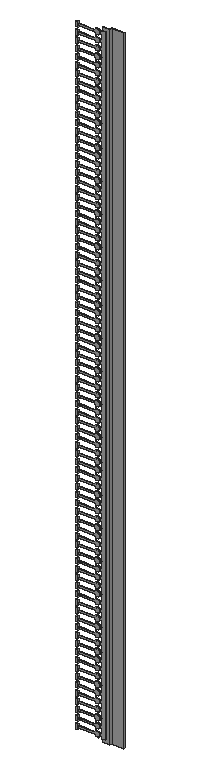
Revit family "ITK by ZPAS_Гребенка кабельная вертикальная_42U и 45U", category Обобщенные модели, Revit 2019 (continued)
Forms (mm)
  Extrusion 3, solid, material "Окраска - RAL 9005" <- "Материал", visible <- "В1966,9", detail levels fine
    sketch origin (0, 0, 0) x (1, 0, 0) y (0, 0, 1)
      loop
          ) -> (0, 828.216) -> (3.537, 833.216) -> (10, 833.216) -> (10, 815.488) -> (3.537, 815.488) -> (0, 820.488) -> (-10, 820.488) -> (-13.537, 815.488) -> (-63.537, 815.488) -> (-63.537, 820.488) -> (-70, 820.488) -> (-70, 805.488) -> (-63.537, 805.488) -> (-63.537, 810.488) -> (-13.537, 810.488) -> (-10, 805.488) -> (0, 805.488) -> (3.537, 810.488) -> (10, 810.488) -> (10, 792.76) -> (3.537, 792.76) -> (0, 797.76) -> (-10, 797.76) -> (-13.537, 792.76) -> (-63.537, 792.76) -> (-63.537, 797.76) -> (-70, 797.76) -> (-70, 782.76) -> (-63.537, 782.76) -> (-63.537, 787.76) -> (-13.537, 787.76) -> (-10, 782.76) -> (0, 782.76) -> (3.537, 787.76) -> (10, 787.76) -> (10, 770.032) -> (3.537, 770.032) -> (0, 775.032) -> (-10, 775.032) -> (-13.537, 770.032) -> (-63.537, 770.032) -> (-63.537, 775.032) -> (-70, 775.032) -> (-70, 760.032) -> (-63.537, 760.032) -> (-63.537, 765.032) -> (-13.537, 765.032) -> (-10, 760.032) -> (0, 760.032) -> (3.537, 765.032) -> (10, 765.032) -> (10, 747.304) -> (3.537, 747.304) -> (0, 752.304) -> (-10, 752.304) -> (-13.537, 747.304) -> (-63.537, 747.304) -> (-63.537, 752.304) -> (-70, 752.304) -> (-70, 737.304) -> (-63.537, 737.304) -> (-63.537, 742.304) -> (-13.537, 742.304) -> (-10, 737.304) -> (0, 737.304) -> (3.537, 742.304) -> (10, 742.304) -> (10, 724.575) -> (3.537, 724.575) -> (0, 729.575) -> (-10, 729.575) -> (-13.537, 724.575) -> (-63.537, 724.575) -> (-63.537, 729.575) -> (-70, 729.575) -> (-70, 714.575) -> (-63.537, 714.575) -> (-63.537, 719.575) -> (-13.537, 719.575) -> (-10, 714.575) -> (0, 714.575) -> (3.537, 719.575) -> (10, 719.575) -> (10, 701.847) -> (3.537, 701.847) -> (0, 706.847) -> (-10, 706.847) -> (-13.537, 701.847) -> (-63.537, 701.847) -> (-63.537, 706.847) -> (-70, 706.847) -> (-70, 691.847) -> (-63.537, 691.847) -> (-63.537, 696.847) -> (-13.537, 696.847) -> (-10, 691.847) -> (0, 691.847) -> (3.537, 696.847) -> (10, 696.847) -> (10, 679.119) -> (3.537, 679.119) -> (0, 684.119) -> (-10, 684.119) -> (-13.537, 679.119) -> (-63.537, 679.119) -> (-63.537, 684.119) -> (-70, 684.119) -> (-70, 669.119) -> (-63.537, 669.119) -> (-63.537, 674.119) -> (-13.537, 674.119) -> (-10, 669.119) -> (0, 669.119) -> (3.537, 674.119) -> (10, 674.119) -> (10, 656.391) -> (3.537, 656.391) -> (0, 661.391) -> (-10, 661.391) -> (-13.537, 656.391) -> (-63.537, 656.391) -> (-63.537, 661.391) -> (-70, 661.391) -> (-70, 646.391) -> (-63.537, 646.391) -> (-63.537, 651.391) -> (-13.537, 651.391) -> (-10, 646.391) -> (0, 646.391) -> (3.537, 651.391) -> (10, 651.391) -> (10, 633.662) -> (3.537, 633.662) -> (0, 638.662) -> (-10, 638.662) -> (-13.537, 633.662) -> (-63.537, 633.662) -> (-63.537, 638.662) -> (-70, 638.662) -> (-70, 623.662) -> (-63.537, 623.662) -> (-63.537, 628.662) -> (-13.537, 628.662) -> (-10, 623.662) -> (0, 623.662) -> (3.537, 628.662) -> (10, 628.662) -> (10, 610.934) -> (3.537, 610.934) -> (0, 615.934) -> (-10, 615.934) -> (-13.537, 610.934) -> (-63.537, 610.934) -> (-63.537, 615.934) -> (-70, 615.934) -> (-70, 600.934) -> (-63.537, 600.934) -> (-63.537, 605.934) -> (-13.537, 605.934) -> (-10, 600.934) -> (0, 600.934) -> (3.537, 605.934) -> (10, 605.934) -> (10, 588.206) -> (3.537, 588.206) -> (0, 593.206) -> (-10, 593.206) -> (-13.537, 588.206) -> (-63.537, 588.206) -> (-63.537, 593.206) -> (-70, 593.206) -> (-70, 578.206) -> (-63.537, 578.206) -> (-63.537, 583.206) -> (-13.537, 583.206) -> (-10, 578.206) -> (0, 578.206) -> (3.537, 583.206) -> (10, 583.206) -> (10, 565.478) -> (3.537, 565.478) -> (0, 570.478) -> (-10, 570.478) -> (-13.537, 565.478) -> (-63.537, 565.478) -> (-63.537, 570.478) -> (-70, 570.478) -> (-70, 555.478) -> (-63.537, 555.478) -> (-63.537, 560.478) -> (-13.537, 560.478) -> (-10, 555.478) -> (0, 555.478) -> (3.537, 560.478) -> (10, 560.478) -> (10, 542.749) -> (3.537, 542.749) -> (0, 547.749) -> (-10, 547.749) -> (-13.537, 542.749) -> (-63.537, 542.749) -> (-63.537, 547.749) -> (-70, 547.749) -> (-70, 532.749) -> (-63.537, 532.749) -> (-63.537, 537.749) -> (-13.537, 537.749) -> (-10, 532.749) -> (0, 532.749) -> (3.537, 537.749) -> (10, 537.749) -> (10, 520.021) -> (3.537, 520.021) -> (0, 525.021) -> (-10, 525.021) -> (-13.537, 520.021) -> (-63.537, 520.021) -> (-63.537, 525.021) -> (-70, 525.021) -> (-70, 510.021) -> (-63.537, 510.021) -> (-63.537, 515.021) -> (-13.537, 515.021) -> (-10, 510.021) -> (0, 510.021) -> (3.537, 515.021) -> (10, 515.021) -> (10, 497.293) -> (3.537, 497.293) -> (0, 502.293) -> (-10, 502.293) -> (-13.537, 497.293) -> (-63.537, 497.293) -> (-63.537, 502.293) -> (-70, 502.293) -> (-70, 487.293) -> (-63.537, 487.293) -> (-63.537, 492.293) -> (-13.537, 492.293) -> (-10, 487.293) -> (0, 487.293) -> (3.537, 492.293) -> (10, 492.293) -> (10, 474.565) -> (3.537, 474.565) -> (0, 479.565) -> (-10, 479.565) -> (-13.537, 474.565) -> (-63.537, 474.565) -> (-63.537, 479.565) -> (-70, 479.565) -> (-70, 464.565) -> (-63.537, 464.565) -> (-63.537, 469.565) -> (-13.537, 469.565) -> (-10, 464.565) -> (0, 464.565) -> (3.537, 469.565) -> (10, 469.565) -> (10, 451.836) -> (3.537, 451.836) -> (0, 456.836) -> (-10, 456.836) -> (-13.537, 451.836) -> (-63.537, 451.836) -> (-63.537, 456.836) -> (-70, 456.836) -> (-70, 441.836) -> (-63.537, 441.836) -> (-63.537, 446.836) -> (-13.537, 446.836) -> (-10, 441.836) -> (0, 441.836) -> (3.537, 446.836) -> (10, 446.836) -> (10, 429.108) -> (3.537, 429.108) -> (0, 434.108) -> (-10, 434.108) -> (-13.537, 429.108) -> (-63.537, 429.108) -> (-63.537, 434.108) -> (-70, 434.108) -> (-70, 419.108) -> (-63.537, 419.108) -> (-63.537, 424.108) -> (-13.537, 424.108) -> (-10, 419.108) -> (0, 419.108) -> (3.537, 424.108) -> (10, 424.108) -> (10, 406.38) -> (3.537, 406.38) -> (0, 411.38) -> (-10, 411.38) -> (-13.537, 406.38) -> (-63.537, 406.38) -> (-63.537, 411.38) -> (-70, 411.38) -> (-70, 396.38) -> (-63.537, 396.38) -> (-63.537, 401.38) -> (-13.537, 401.38) -> (-10, 396.38) -> (0, 396.38) -> (3.537, 401.38) -> (10, 401.38) -> (10, 383.652) -> (3.537, 383.652) -> (0, 388.652) -> (-10, 388.652) -> (-13.537, 383.652) -> (-63.537, 383.652) -> (-63.537, 388.652) -> (-70, 388.652) -> (-70, 373.652) -> (-63.537, 373.652) -> (-63.537, 378.652) -> (-13.537, 378.652) -> (-10, 373.652) -> (0, 373.652) -> (3.537, 378.652) -> (10, 378.652) -> (10, 360.924) -> (3.537, 360.924) -> (0, 365.924) -> (-10, 365.924) -> (-13.537, 360.924) -> (-63.537, 360.924) -> (-63.537, 365.924) -> (-70, 365.924) -> (-70, 350.924) -> (-63.537, 350.924) -> (-63.537, 355.924) -> (-13.537, 355.924) -> (-10, 350.924) -> (0, 350.924) -> (3.537, 355.924) -> (10, 355.924) -> (10, 338.195) -> (3.537, 338.195) -> (0, 343.195) -> (-10, 343.195) -> (-13.537, 338.195) -> (-63.537, 338.195) -> (-63.537, 343.195) -> (-70, 343.195) -> (-70, 328.195) -> (-63.537, 328.195) -> (-63.537, 333.195) -> (-13.537, 333.195) -> (-10, 328.195) -> (0, 328.195) -> (3.537, 333.195) -> (10, 333.195) -> (10, 315.467) -> (3.537, 315.467) -> (0, 320.467) -> (-10, 320.467) -> (-13.537, 315.467) -> (-63.537, 315.467) -> (-63.537, 320.467) -> (-70, 320.467) -> (-70, 305.467) -> (-63.537, 305.467) -> (-63.537, 310.467) -> (-13.537, 310.467) -> (-10, 305.467) -> (0, 305.467) -> (3.537, 310.467) -> (10, 310.467) -> (10, 292.739) -> (3.537, 292.739) -> (0, 297.739) -> (-10, 297.739) -> (-13.537, 292.739) -> (-63.537, 292.739) -> (-63.537, 297.739) -> (-70, 297.739) -> (-70, 282.739) -> (-63.537, 282.739) -> (-63.537, 287.739) -> (-13.537, 287.739) -> (-10, 282.739) -> (0, 282.739) -> (3.537, 287.739) -> (10, 287.739) -> (10, 270.011) -> (3.537, 270.011) -> (0, 275.011) -> (-10, 275.011) -> (-13.537, 270.011) -> (-63.537, 270.011) -> (-63.537, 275.011) -> (-70, 275.011) -> (-70, 260.011) -> (-63.537, 260.011) -> (-63.537, 265.011) -> (-13.537, 265.011) -> (-10, 260.011) -> (0, 260.011) -> (3.537, 265.011) -> (10, 265.011) -> (10, 247.282) -> (3.537, 247.282) -> (0, 252.282) -> (-10, 252.282) -> (-13.537, 247.282) -> (-63.537, 247.282) -> (-63.537, 252.282) -> (-70, 252.282) -> (-70, 237.282) -> (-63.537, 237.282) -> (-63.537, 242.282) -> (-13.53
          7, 242.282) -> (-10, 237.282) -> (0, 237.282) -> (3.537, 242.282) -> (10, 242.282) -> (10, 224.554) -> (3.537, 224.554) -> (0, 229.554) -> (-10, 229.554) -> (-13.537, 224.554) -> (-63.537, 224.554) -> (-63.537, 229.554) -> (-70, 229.554) -> (-70, 214.554) -> (-63.537, 214.554) -> (-63.537, 219.554) -> (-13.537, 219.554) -> (-10, 214.554) -> (0, 214.554) -> (3.537, 219.554) -> (10, 219.554) -> (10, 201.826) -> (3.537, 201.826) -> (0, 206.826) -> (-10, 206.826) -> (-13.537, 201.826) -> (-63.537, 201.826) -> (-63.537, 206.826) -> (-70, 206.826) -> (-70, 191.826) -> (-63.537, 191.826) -> (-63.537, 196.826) -> (-13.537, 196.826) -> (-10, 191.826) -> (0, 191.826) -> (3.537, 196.826) -> (10, 196.826) -> (10, 179.098) -> (3.537, 179.098) -> (0, 184.098) -> (-10, 184.098) -> (-13.537, 179.098) -> (-63.537, 179.098) -> (-63.537, 184.098) -> (-70, 184.098) -> (-70, 169.098) -> (-63.537, 169.098) -> (-63.537, 174.098) -> (-13.537, 174.098) -> (-10, 169.098) -> (0, 169.098) -> (3.537, 174.098) -> (10, 174.098) -> (10, 156.369) -> (3.537, 156.369) -> (0, 161.369) -> (-10, 161.369) -> (-13.537, 156.369) -> (-63.537, 156.369) -> (-63.537, 161.369) -> (-70, 161.369) -> (-70, 146.369) -> (-63.537, 146.369) -> (-63.537, 151.369) -> (-13.537, 151.369) -> (-10, 146.369) -> (0, 146.369) -> (3.537, 151.369) -> (10, 151.369) -> (10, 133.641) -> (3.537, 133.641) -> (0, 138.641) -> (-10, 138.641) -> (-13.537, 133.641) -> (-63.537, 133.641) -> (-63.537, 138.641) -> (-70, 138.641) -> (-70, 123.641) -> (-63.537, 123.641) -> (-63.537, 128.641) -> (-13.537, 128.641) -> (-10, 123.641) -> (0, 123.641) -> (3.537, 128.641) -> (10, 128.641) -> (10, 110.913) -> (3.537, 110.913) -> (0, 115.913) -> (-10, 115.913) -> (-13.537, 110.913) -> (-63.537, 110.913) -> (-63.537, 115.913) -> (-70, 115.913) -> (-70, 100.913) -> (-63.537, 100.913) -> (-63.537, 105.913) -> (-13.537, 105.913) -> (-10, 100.913) -> (0, 100.913) -> (3.537, 105.913) -> (10, 105.913) -> (10, 88.185) -> (3.537, 88.185) -> (0, 93.185) -> (-10, 93.185) -> (-13.537, 88.185) -> (-63.537, 88.185) -> (-63.537, 93.185) -> (-70, 93.185) -> (-70, 78.185) -> (-63.537, 78.185) -> (-63.537, 83.185) -> (-13.537, 83.185) -> (-10, 78.185) -> (0, 78.185) -> (3.537, 83.185) -> (10, 83.185) -> (10, 65.456) -> (3.537, 65.456) -> (0, 70.456) -> (-10, 70.456) -> (-13.537, 65.456) -> (-63.537, 65.456) -> (-63.537, 70.456) -> (-70, 70.456) -> (-70, 55.456) -> (-63.537, 55.456) -> (-63.537, 60.456) -> (-13.537, 60.456) -> (-10, 55.456) -> (0, 55.456) -> (3.537, 60.456) -> (10, 60.456) -> (10, 42.728) -> (3.537, 42.728) -> (0, 47.728) -> (-10, 47.728) -> (-13.537, 42.728) -> (-63.537, 42.728) -> (-63.537, 47.728) -> (-70, 47.728) -> (-70, 32.728) -> (-63.537, 32.728) -> (-63.537, 37.728) -> (-13.537, 37.728) -> (-10, 32.728) -> (0, 32.728) -> (3.537, 37.728) -> (10, 37.728) -> (10, 20) -> (3.537, 20) -> (0, 25) -> (-10, 25) -> (-13.537, 20) -> (-63.537, 20) -> (-63.537, 25) -> (-70, 25) -> (-70, 10) -> (-63.537, 10) -> (-63.537, 15) -> (-13.537, 15) -> (-10, 10) -> (0, 10) -> (3.537, 15) -> (10, 15) -> (10, 10) -> (21.015, 10) -> (21.015, 1956.9) -> (10, 1956.9) -> (10, 1951.9) -> (3.537, 1951.9) -> (0, 1956.9) -> (-10, 1956.9) -> (-13.537, 1951.9)
    from 3.968 to 6
  Extrusion 4, solid, material "Условный материал-отделка", detail levels coarse+medium
    sketch origin (0, 0, 0) x (1, 0, 0) y (0, 1, 0)
      loop
        line (-70, 6) -> (-70, -6) -> (70, -6) -> (70, 6) -> (-70, 6)
    from 0 to 1966.9 <- "Высота"
Dimensions and locks
  equal spacing: plane 6, plane 3 "По центру (Влево/Вправо)", plane 7
  "Ширина": plane 6 to plane 7
  equal spacing: plane 4, plane 1 "По центру (Вперед/Назад)", plane 5
  "Глубина": plane 4 to plane 5
  "Высота": plane 8 to level
  aligned and locked: level to plane 2
  aligned and locked: Extrusion 2 to plane 5
  aligned and locked: Extrusion 2 to Extrusion 1
  aligned and locked: plane 8 to Extrusion 1
  aligned and locked: Extrusion 4 sketch curve to plane 4
  aligned and locked: plane 6 to Extrusion 4 sketch curve
  aligned and locked: plane 5 to Extrusion 4 sketch curve
  aligned and locked: Extrusion 4 sketch curve to plane 7
Automatic sketch dimensions
  Extrusion 1 sketch curve to plane 4 = 0 mm
  Extrusion 1 sketch curve to plane 7 = 0 mm
  Extrusion 1 sketch curve to plane 4 = 2 mm
  plane 10 to Extrusion 1 sketch curve = 11.015 mm
  Extrusion 1 sketch curve to Extrusion 1 sketch curve = 2.03 mm
  plane 1 "По центру (Вперед/Назад)" to Extrusion 1 sketch curve = 2.022 mm
  plane 3 "По центру (Влево/Вправо)" to Extrusion 1 sketch curve = 10 mm
  Extrusion 1 sketch curve to Extrusion 1 sketch curve = 1.946 mm
  Extrusion 2 sketch curve to plane 6 = 0 mm  (x80)
  Extrusion 2 sketch curve to plane 9 = 0 mm  (x3)
  Extrusion 2 sketch curve to plane 3 "По центру (Влево/Вправо)" = 0 mm  (x160)
  Extrusion 2 sketch curve to plane 10 = 0 mm
  plane 6 to Extrusion 2 sketch curve = 6.463 mm  (x119)
  Extrusion 2 sketch curve to Extrusion 2 sketch curve = 0 mm  (x195)
  Extrusion 2 sketch curve to plane 3 "По центру (Влево/Вправо)" = 13.537 mm  (x80)
  plane 9 to Extrusion 2 sketch curve = 5 mm
  Extrusion 2 sketch curve to Extrusion 2 sketch curve = 3.537 mm  (x160)
  plane 3 "По центру (Влево/Вправо)" to Extrusion 2 sketch curve = 3.537 mm  (x160)
  Extrusion 2 sketch curve to Extrusion 2 sketch curve = 6.463 mm  (x7)
  Extrusion 2 sketch curve to Extrusion 2 sketch curve = 5 mm  (x480)
  Extrusion 2 sketch curve to Extrusion 2 sketch curve = 8.228 mm  (x158)
  Extrusion 3 sketch curve to plane 6 = 0 mm  (x86)
  Extrusion 3 sketch curve to plane 9 = 0 mm  (x3)
  Extrusion 3 sketch curve to plane 3 "По центру (Влево/Вправо)" = 0 mm  (x172)
  Extrusion 3 sketch curve to plane 10 = 0 mm
  plane 6 to Extrusion 3 sketch curve = 6.463 mm  (x170)
  Extrusion 3 sketch curve to Extrusion 3 sketch curve = 0 mm  (x170)
  Extrusion 3 sketch curve to plane 3 "По центру (Влево/Вправо)" = 13.537 mm  (x86)
  Extrusion 3 sketch curve to Extrusion 3 sketch curve = 3.537 mm  (x172)
  plane 3 "По центру (Влево/Вправо)" to Extrusion 3 sketch curve = 3.537 mm  (x172)
  Extrusion 3 sketch curve to Extrusion 3 sketch curve = 6.463 mm  (x5)
  Extrusion 3 sketch curve to Extrusion 3 sketch curve = 5 mm  (x517)
  Extrusion 3 sketch curve to Extrusion 3 sketch curve = 7.728 mm  (x170)
Types (4, lengths in mm): name | Материал | Высота | В1966,9 | В1866,9 | IEK_Цена за единицу | IEK_URL | ADSK_Наименование | ADSK_Масса | ADSK_Код изделия
  В1866,9_Черный | Окраска - RAL 9005 | 1866.9 | no | yes | 10042.54 | "https://www.itk-group.ru/produktsiya/catalog/oborudovanie_telekommunikatsionnoe/kompleksnye_resheniya_dlya_tsod/shkafy_i_aksessuary_dlya_tsod/komplektuyushchie_i_aksessuary_dlya_shkafov_itk_by_zpas/kabelnye_organizatory_itk_by_zpas/itk_by_zpas_grebenka_kabelnaya_vertikalnaya_42u_chernaya" | "ITK by ZPAS Гребенка кабельная вертикальная 42U черная" | 5 | "ZP-CM05-42U-V"
  В1966,9_Черный | Окраска - RAL 9005 | 1966.9 | yes | no | 10403.15 | "https://www.itk-group.ru/produktsiya/catalog/oborudovanie_telekommunikatsionnoe/kompleksnye_resheniya_dlya_tsod/shkafy_i_aksessuary_dlya_tsod/komplektuyushchie_i_aksessuary_dlya_shkafov_itk_by_zpas/kabelnye_organizatory_itk_by_zpas/itk_by_zpas_grebenka_kabelnaya_vertikalnaya_45u_chernaya" | "ITK by ZPAS Гребенка кабельная вертикальная 45U черная" | 6 | "ZP-CM05-45U-V"
  В1866,9_Серый | Окраска - RAL 7035 | 1866.9 | no | yes | 10021.97 | "https://www.itk-group.ru/produktsiya/catalog/oborudovanie_telekommunikatsionnoe/kompleksnye_resheniya_dlya_tsod/shkafy_i_aksessuary_dlya_tsod/komplektuyushchie_i_aksessuary_dlya_shkafov_itk_by_zpas/kabelnye_organizatory_itk_by_zpas/itk_by_zpas_grebenka_kabelnaya_vertikalnaya_42u_seraya" | "ITK by ZPAS Гребенка кабельная вертикальная 42U серая" | 5 | "ZP-CM35-42U-V"
  В1966,9_Серый | Окраска - RAL 7035 | 1966.9 | yes | no | 10403.15 | "https://www.itk-group.ru/produktsiya/catalog/oborudovanie_telekommunikatsionnoe/kompleksnye_resheniya_dlya_tsod/shkafy_i_aksessuary_dlya_tsod/komplektuyushchie_i_aksessuary_dlya_shkafov_itk_by_zpas/kabelnye_organizatory_itk_by_zpas/itk_by_zpas_grebenka_kabelnaya_vertikalnaya_45u_seraya" | "ITK by ZPAS Гребенка кабельная вертикальная 45U серая" | 6 | "ZP-CM35-45U-V"
